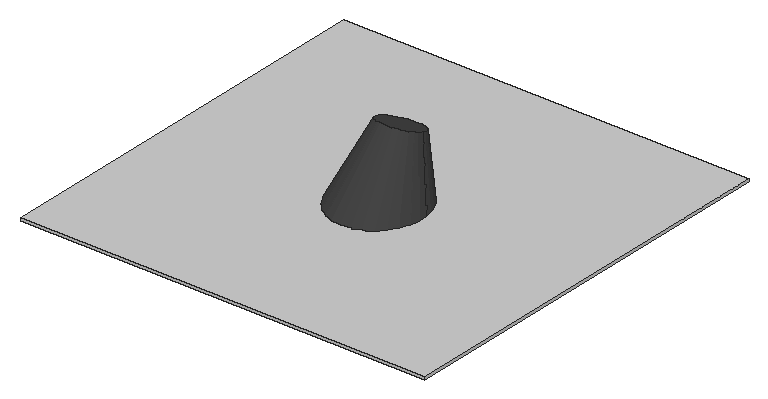
Revit family "CADS_AIRFLOWdev_AirTerminal_RoofSlate_Intake", category Air Terminals, host Face, Revit 2015
Parameters (values of type "600")
  WorkExecutionLevel = "N/A"
  WeeklyMaintenance = "N/A"
  WarrantyStartDate [instance] = "N/A"
  WarrantyPeriod = "2"
  WarrantyIdentifier = "N/A"
  WarrantyGuarantorParts = "info@airflow.com"
  WarrantyGuarantorLabor = "info@airflow.com"
  WarrantyGuarantor = "Airflow Developments Ltd"
  WarrantyEndDate [instance] = "N/A"
  WarrantyContent = "Replacement of part if faulty"
  Uniclass2015 = "Pr_65_70_46_01"
  TotalSurfaceArea [instance] = 0.36 m²
  TagNumber [instance] = "N/A"
  Status [instance] = "New"
  Size = "600 x 600 x 2"
  ShippingWeight = 0.06 kg
  Shape = "Rectangular"
  ServiceLifeType = "EXPECTEDSERVICELIFE"
  ServiceLifeDuration = "10"
  SerialNumber [instance] = "N/A"
  RoofSlate_Cover = CADS_Airflow_Chrome
  RoofSlate_Connector = CADS_AirFlow_Black
  ReplacementCost = "77.46"
  QuarterlyMaintenance = "N/A"
  QualityOfComponents = "N/A"
  ProductionYear = "2017"
  ProductLiterature = "N/A"
  PointOfContact = "Airflow Developments Ltd"
  Perimeter [instance] = 2400 mm
  OutdoorEnviornment = "N/A"
  OperationAndMaintenanceManual = "N/A"
  NumberOfSlots = 0
  NominalWidth = 600 mm
  NominalLength = 600 mm
  NominalHeight = 2 mm
  NBSCode = "90-75-50/370 Air terminals;"
  MountingType = "SURFACE"
  MonthlyMaintenance = "N/A"
  ModelReference = "9004598"
  ModelLabel = "600mm square aluminium roof slate (pitched roof)"
  MeanTimeBetweenFailure = "N/A"
  Material = "Aluminium"
  ManufacturerWebsite = "www.airflow.com"
  ManufacturerTelephone = "01494 525252"
  ManufacturerE-Mail = "info@airflow.com"
  ManufacturerAddress = "Aidelle House\nLancaster Road\nCressex Business Park\nHigh Wycombe\nBucks\nHP123QP"
  Manufacturer = "Airflow Developments Ltd"
  MaintenanceRequired8001to12000hrs = "N/A"
  MaintenanceRequired601to1000hrs = "N/A"
  MaintenanceRequired4001to8000hrs = "N/A"
  MaintenanceRequired301to600hrs = "N/A"
  MaintenanceRequired2001to4000hrs = "N/A"
  MaintenanceRequired1001to2000hrs = "N/A"
  MaintenanceRequired0to300hrs = "N/A"
  MaintenanceLevel = "N/A"
  IsExtendedWarranty = no
  IndoorEnviornment = "N/A"
  InUseConditions = "N/A"
  ISO90001 = yes
  ISO140001 = yes
  HasThermalInsulation = no
  HasSoundAttenuator = no
  HasIntegralControl = no
  GrossWeight = 0.05 kg
  Grade = "Virgin"
  GlobalTradeItemNumber = "N/A"
  FlowControlType = "NONE"
  Flow [instance] = 0.0 L/s
  Features [instance] = "600mm square aluminium roof slate (pitched roof)"
  FaceType = "LOUVERED"
  Exclusions = "Incorrect Use / Incorrect Installation / Installed by a non-accredited electrician. Customer abuse."
  DurationUnit = "Years"
  DuctDia [instance] = 85 mm
  DuctCheck [instance] = if(DuctDia < 65 mm, 65 mm, if(DuctDia > 125 mm, 125 mm, DuctDia))  # 85 mm
  Duct [instance] = if(DuctDia = 65 mm, 1 mm, if(DuctDia = 125 mm, 75 mm, 35 mm))  # 35 mm
  DesignLevel = "N/A"
  Description = "600mm square aluminium roof slate (pitched roof)"
  Default Elevation = 1219.2 mm
  DailyMaintenance = "N/A"
  Constituents = "Silver"
  Color = "Silver"
  CodePerformance = "N/A"
  CEApproval = yes
  BespokeTimeFrameMaintenance = "N/A"
  AssetType = "Fixed"
  AssetIdentifier [instance] = "N/A"
  AssemblyPlace = "N/A"
  AnnualMaintenance = "N/A"
  AirflowRateRange = "0-61"
  AccessibilityPerformance = "N/A"
  A = 600 mm
  6MonthlyMaintenance = "Visually inspect system, clean the fan and ducting if necessary"
Types (2, lengths in mm): name | TotalSurfaceArea | Size | ShippingWeight | Perimeter | NominalWidth | NominalLength | ModelReference | ModelLabel | GrossWeight | GlobalTradeItemNumber | Features | Description | A
  450 | 0.2025 m² | "450 x 450 x 2" | 0.036 kg | 1800 | 450 | 450 | "9004597" | "450mm square aluminium roof slate (pitched roof)" | 0.03 kg | "5019009310459" | "450mm square aluminium roof slate (pitched roof)" | "450mm square aluminium roof slate (pitched roof)" | 450
  600 | 0.36 m² | "600 x 600 x 2" | 0.06 kg | 2400 | 600 | 600 | "9004598" | "600mm square aluminium roof slate (pitched roof)" | 0.05 kg | "N/A" | "600mm square aluminium roof slate (pitched roof)" | "600mm square aluminium roof slate (pitched roof)" | 600
Reference planes
  plane 1 "Center (Front/Back)": y = 0
  plane 2: z = 0
  plane 3 "Center (Left/Right)": x = 0
  plane 4: x = -300
  plane 5: x = 300
  plane 6 "Top": y = 300
  plane 7: y = -300
  plane 8: z = 4
  plane 9: z = 89
  plane 10: x = -62.5
  plane 11: x = 62.5
  plane 12: y = 62.5
  plane 13: y = -62.5
  plane 14: y = 32.5
  plane 15: y = -32.5
  plane 16: x = -32.5
  plane 17: x = 32.5
Forms (mm)
  Extrusion 1, solid, material "CADS_Airflow_Chrome" <- "RoofSlate_Cover"
    sketch origin (0, 0, 0) x (1, 0, 0) y (0, 1, 0)
      loop
        line (-300, 300) -> (-300, -300) -> (300, -300) -> (300, 300) -> (-300, 300)
    from 0 to 4
  Blend 2, solid, material "CADS_AirFlow_Black" <- "RoofSlate_Connector"
    base sketch origin (0, 32.5, 89) x (1, 0, 0) y (0, 0.934052, -0.357137)
      loop
        circle (0.027, -1.727) r 32.5
    top sketch origin (0, 0, 4) x (1, 0, 0) y (0, -0.934052, 0.357137)
      loop
        circle (0.027, 1.727) r 75
    from 0 to -32.132
  Extrusion 3, void
    sketch origin (0, 0, 0) x (0, 1, 0) y (0, 0, 1)
      loop
        line (62.5, 4) -> (-102.5, 4) -> (-102.5, -111) -> (62.5, -111) -> (62.5, 4)
    from -217.258 to 250
  Extrusion 4, solid, not visible
    sketch origin (0, 32.5, 89) x (0, 0.934052, -0.357137) y (1, 0, 0)
      loop
        circle (0, 0) r 15
    from 0 to 35 <- "Duct"
Cuts and joins
  Extrusion 3 cuts Blend 2
Lines and regions (mm)
  reference lines
    curve 1: line (0, 0, 4) -> (0, 32.5, 89)
Dimensions and locks
  equal spacing: plane 4, plane 3 "Center (Left/Right)", plane 5
  "A": plane 4 to plane 5
  equal spacing: plane 6 "Top", plane 1 "Center (Front/Back)", plane 7
  "A": plane 6 "Top" to plane 7
  locked: plane 8 to level at 4
  locked: plane 9 to plane 8 at 85
  equal spacing: plane 12, plane 1 "Center (Front/Back)", plane 13
  equal spacing: plane 10, plane 3 "Center (Left/Right)", plane 11
  locked: plane 10 to plane 11 at 125
  locked: plane 12 to plane 13 at 125
  equal spacing: plane 15, plane 1 "Center (Front/Back)", plane 14
  equal spacing: plane 16, plane 3 "Center (Left/Right)", plane 17
  locked: plane 16 to plane 17 at 65
  locked: plane 15 to plane 14 at 65
  aligned and locked: plane 2 to host face
  aligned and locked: level to host face
  aligned and locked: plane 4 to Extrusion 1 sketch curve
  aligned and locked: Extrusion 1 sketch curve to plane 5
  aligned and locked: plane 8 to Extrusion 1
  aligned and locked: plane 14 to curve 1
  aligned and locked: plane 9 to curve 1
  aligned and locked: plane 1 "Center (Front/Back)" to curve 1
  aligned and locked: plane 8 to curve 1
  aligned and locked: plane 8 to Extrusion 3 sketch curve
  aligned and locked: plane 12 to Extrusion 3 sketch curve
Automatic sketch dimensions
  host sketch curve to host sketch curve = 2438.4 mm  (x2)
  Extrusion 1 sketch curve to plane 7 = 0 mm
  Extrusion 1 sketch curve to plane 6 "Top" = 0 mm
  plane 3 "Center (Left/Right)" to Blend 2 sketch curve = 0.027 mm  (x2)
  Extrusion 3 sketch curve to plane 13 = 40 mm
  Extrusion 3 sketch curve to level = 111 mm
  Extrusion 4 sketch curve to plane 3 "Center (Left/Right)" = 0 mm
  radius of Blend 2 sketch curve = 32.5 mm
  radius of Blend 2 sketch curve = 75 mm
  radius of Extrusion 4 sketch curve = 15 mm
Connectors
  hvac at (0, 20, 56.308), driven by "DuctCheck", driven by "Flow"
    settings: on Extrusion 4, index 1, duct flow 0.0 L/s, flow factor 0, pres drop 0.0 Pa, loss coef 0, conn angle 0.00°, conn width 304.8 mm, conn height 304.8 mm, conn diameter 85 mm, duct sys type 4, conn prof type 0, flow config 0, flow direction 2, loss method 0, conn ref index -1, conn util no, is conn primary yes, conn desc ""
